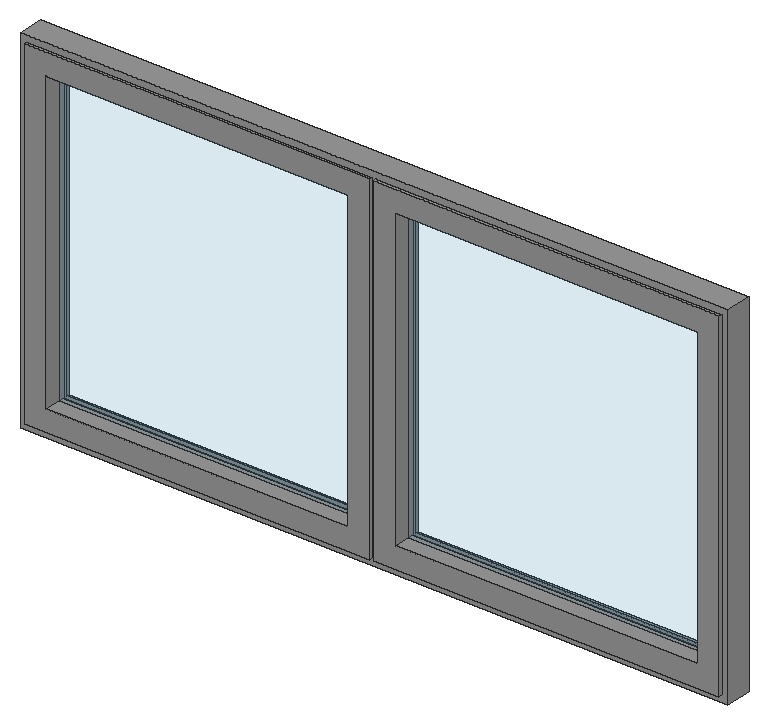
Revit family "Kawneer_Window_GT70s_Pos003", category Windows, host Wall, Revit 2020 (continued)
Definition of nested family "Kawneer_GT70s_Pos003"
  Definition of nested family "Kawneer_GT70s_Jamb3"
    Lines and regions (mm)
      model lines, in view "Ref. Level", detail levels fine
        curve 316: arc (-41.827, -21.9, 0) -> (-41.754, -21.973, 0) -> (-41.654, -22, 0) r 0.2
        curve 317: arc (-41.827, -21.9, 0) -> (-41.9, -21.827, 0) -> (-42, -21.8, 0) r 0.2
        curve 318: arc (-42.8, -21.8, 0) -> (-43.154, -21.946, 0) -> (-43.3, -22.3, 0) r 0.5
        curve 319: arc (-43.75, -24.927, 0) -> (-43.45, -24.927, 0) -> (-43.3, -24.667, 0) r 0.3
        curve 320: arc (-45.327, -23.558, 0) -> (-45.588, -23.666, 0) -> (-45.48, -23.928, 0) r 0.2
        curve 321: arc (-44.713, -22.077, 0) -> (-44.732, -21.889, 0) -> (-44.899, -21.8, 0) r 0.2
        curve 322: arc (-48.5, -21.8, 0) -> (-48.642, -21.859, 0) -> (-48.7, -22.001, 0) r 0.2
        curve 323: arc (-47.884, -24.3, 0) -> (-47.684, -24.085, 0) -> (-47.914, -23.902, 0) r 0.2
        curve 324: arc (-50.428, -23.375, 0) -> (-49.439, -24.059, 0) -> (-48.261, -24.3, 0) r 3
        curve 325: arc (-50.428, -23.375, 0) -> (-51.15, -23.067, 0) -> (-51.872, -23.375, 0) r 1
        curve 326: arc (-54.039, -24.3, 0) -> (-52.861, -24.059, 0) -> (-51.872, -23.375, 0) r 3
        curve 327: arc (-54.381, -23.903, 0) -> (-54.615, -24.082, 0) -> (-54.416, -24.3, 0) r 0.2
        curve 328: arc (-53.6, -22, 0) -> (-53.659, -21.859, 0) -> (-53.8, -21.8, 0) r 0.2
        curve 329: arc (-57.402, -21.8, 0) -> (-57.568, -21.889, 0) -> (-57.586, -22.077, 0) r 0.2
        curve 330: arc (-56.82, -23.928, 0) -> (-56.712, -23.666, 0) -> (-56.973, -23.558, 0) r 0.2
        curve 331: arc (-59, -24.667, 0) -> (-58.85, -24.927, 0) -> (-58.55, -24.927, 0) r 0.3
        curve 332: arc (-59, -10.5, 0) -> (-59.146, -10.146, 0) -> (-59.5, -10, 0) r 0.5
        curve 333: arc (-63.8, -9, 0) -> (-63.507, -9.707, 0) -> (-62.8, -10, 0) r 1
        curve 334: arc (-62.787, -6.22, 0) -> (-63.526, -6.884, 0) -> (-63.8, -7.839, 0) r 1.8
        curve 335: arc (-62.5, -6.4, 0) -> (-62.594, -6.23, 0) -> (-62.787, -6.22, 0) r 0.2
        curve 336: arc (-62.5, -7.8, 0) -> (-62.354, -8.154, 0) -> (-62, -8.3, 0) r 0.5
        curve 337: arc (-59.5, -8.3, 0) -> (-59.146, -8.154, 0) -> (-59, -7.8, 0) r 0.5
        curve 338: arc (-59, 5.7, 0) -> (-59.146, 6.054, 0) -> (-59.5, 6.2, 0) r 0.5
        curve 339: arc (-62, 6.2, 0) -> (-62.354, 6.054, 0) -> (-62.5, 5.7, 0) r 0.5
        curve 340: arc (-62.778, 3.816, 0) -> (-62.589, 3.833, 0) -> (-62.5, 4, 0) r 0.2
        curve 341: arc (-64, 5.658, 0) -> (-63.655, 4.536, 0) -> (-62.739, 3.8, 0) r 2
        curve 342: arc (-63, 8, 0) -> (-63.707, 7.707, 0) -> (-64, 7, 0) r 1
        curve 343: arc (-57.55, -39.3, 0) -> (-57.488, -43.91, 0) -> (-57.303, -48.516, 0) r 172.47
        curve 344: arc (-57.303, -48.516, 0) -> (-57.098, -49.458, 0) -> (-56.605, -50.286, 0) r 3.002
        curve 345: arc (-54.519, -53.867, 0) -> (-54.699, -52.839, 0) -> (-55.22, -51.936, 0) r 2.996
        curve 346: arc (-54.519, -54.329, 0) -> (-54.501, -54.457, 0) -> (-54.451, -54.576, 0) r 0.5
        curve 347: arc (-53.8, -56.8, 0) -> (-53.659, -56.741, 0) -> (-53.6, -56.6, 0) r 0.2
        curve 348: arc (-55.08, -56.35, 0) -> (-55.08, -56.65, 0) -> (-54.821, -56.8, 0) r 0.3
        curve 349: arc (-55.08, -56.35, 0) -> (-55.6, -55.45, 0) -> (-56.12, -56.35, 0) r 0.6
        curve 350: arc (-56.379, -56.8, 0) -> (-56.12, -56.65, 0) -> (-56.12, -56.35, 0) r 0.3
        curve 351: arc (-57.4, -56.6, 0) -> (-57.341, -56.741, 0) -> (-57.2, -56.8, 0) r 0.2
        curve 352: arc (-56.897, -54.429, 0) -> (-57.114, -53.72, 0) -> (-57.645, -53.201, 0) r 1.5
        curve 353: arc (-58.95, -51.87, 0) -> (-58.816, -52.37, 0) -> (-58.45, -52.736, 0) r 1
        curve 354: arc (-58.45, -25.864, 0) -> (-58.816, -26.23, 0) -> (-58.95, -26.73, 0) r 1
        curve 355: arc (-57.645, -25.399, 0) -> (-57.114, -24.88, 0) -> (-56.897, -24.171, 0) r 1.5
        curve 356: arc (-57.2, -21.8, 0) -> (-57.341, -21.859, 0) -> (-57.4, -22, 0) r 0.2
        curve 357: arc (-56.12, -22.25, 0) -> (-56.12, -21.95, 0) -> (-56.379, -21.8, 0) r 0.3
        curve 358: arc (-56.12, -22.25, 0) -> (-55.6, -23.15, 0) -> (-55.08, -22.25, 0) r 0.6
        curve 359: arc (-54.821, -21.8, 0) -> (-55.08, -21.95, 0) -> (-55.08, -22.25, 0) r 0.3
        curve 360: arc (-53.6, -21.9, 0) -> (-53.66, -21.813, 0) -> (-53.764, -21.803, 0) r 0.124
        curve 361: arc (-54.452, -24.026, 0) -> (-54.502, -24.144, 0) -> (-54.519, -24.271, 0) r 0.5
        curve 362: arc (-55.221, -26.665, 0) -> (-54.672, -25.773, 0) -> (-54.519, -24.737, 0) r 2.599
        curve 363: arc (-56.605, -28.315, 0) -> (-57.095, -29.143, 0) -> (-57.303, -30.083, 0) r 3.049
        curve 364: arc (-57.303, -30.083, 0) -> (-57.455, -33.587, 0) -> (-57.536, -37.094, 0) r 172.05
        curve 365: arc (-57.536, -37.094, 0) -> (-57.392, -37.451, 0) -> (-57.036, -37.6, 0) r 0.5
        curve 366: arc (-48.15, -38.2, 0) -> (-48.326, -37.776, 0) -> (-48.75, -37.6, 0) r 0.6
        curve 367: arc (-48.75, -38.8, 0) -> (-48.326, -38.624, 0) -> (-48.15, -38.2, 0) r 0.6
        curve 368: arc (-57.05, -38.8, 0) -> (-57.404, -38.946, 0) -> (-57.55, -39.3, 0) r 0.5
        curve 369: arc (-38.847, -46.799, 0) -> (-37.787, -46.359, 0) -> (-37.347, -45.299, 0) r 1.5
        curve 370: arc (-37.347, -38.899, 0) -> (-37.64, -38.192, 0) -> (-38.347, -37.899, 0) r 1
        curve 371: arc (-41.918, -37.899, 0) -> (-42.372, -38.008, 0) -> (-42.727, -38.311, 0) r 1
        curve 372: arc (-43.856, -39.866, 0) -> (-43.998, -40.145, 0) -> (-44.047, -40.454, 0) r 1
        curve 373: arc (-44.047, -45.299, 0) -> (-43.608, -46.359, 0) -> (-42.547, -46.799, 0) r 1.5
        curve 374: arc (-43.03, -36.906, 0) -> (-42.706, -37.123, 0) -> (-42.323, -37.199, 0) r 1
        curve 375: arc (-38.347, -37.199, 0) -> (-37.64, -36.906, 0) -> (-37.347, -36.199, 0) r 1
        curve 376: arc (-37.347, -29.799, 0) -> (-37.787, -28.738, 0) -> (-38.847, -28.299, 0) r 1.5
        curve 377: arc (-42.547, -28.299, 0) -> (-43.608, -28.738, 0) -> (-44.047, -29.799, 0) r 1.5
        curve 378: arc (-44.047, -35.474, 0) -> (-43.971, -35.857, 0) -> (-43.754, -36.182, 0) r 1
        curve 379: arc (-42.347, -47.799, 0) -> (-43.054, -48.092, 0) -> (-43.347, -48.799, 0) r 1
        curve 380: arc (-43.847, -52.736, 0) -> (-43.481, -52.37, 0) -> (-43.347, -51.87, 0) r 1
        curve 381: arc (-44.652, -53.201, 0) -> (-45.183, -53.72, 0) -> (-45.401, -54.429, 0) r 1.5
        curve 382: arc (-45.097, -56.8, 0) -> (-44.956, -56.741, 0) -> (-44.897, -56.6, 0) r 0.2
        curve 383: arc (-46.178, -56.35, 0) -> (-46.178, -56.65, 0) -> (-45.918, -56.8, 0) r 0.3
        curve 384: arc (-46.178, -56.35, 0) -> (-46.697, -55.448, 0) -> (-47.217, -56.35, 0) r 0.601
        curve 385: arc (-47.477, -56.8, 0) -> (-47.217, -56.65, 0) -> (-47.217, -56.35, 0) r 0.3
        curve 386: arc (-48.697, -56.6, 0) -> (-48.639, -56.741, 0) -> (-48.497, -56.8, 0) r 0.2
        curve 387: arc (-47.845, -54.574, 0) -> (-47.796, -54.456, 0) -> (-47.778, -54.33, 0) r 0.5
        curve 388: arc (-47.077, -51.936, 0) -> (-47.598, -52.838, 0) -> (-47.778, -53.863, 0) r 2.996
        curve 389: arc (-45.749, -50.353, 0) -> (-45.228, -49.451, 0) -> (-45.047, -48.425, 0) r 3
        curve 390: arc (-45.047, -41.499, 0) -> (-45.194, -41.145, 0) -> (-45.547, -40.999, 0) r 0.5
        curve 391: arc (-53.347, -39.799, 0) -> (-53.947, -40.399, 0) -> (-53.347, -40.999, 0) r 0.6
        curve 392: arc (-45.298, -39.799, 0) -> (-45.071, -39.744, 0) -> (-44.894, -39.593, 0) r 0.5
        curve 393: arc (-44.176, -38.605, 0) -> (-43.974, -37.65, 0) -> (-44.549, -36.86, 0) r 1.2
        curve 394: arc (-45.047, -35.993, 0) -> (-44.914, -36.493, 0) -> (-44.549, -36.86, 0) r 1
        curve 395: arc (-45.047, -30.173, 0) -> (-45.229, -29.148, 0) -> (-45.749, -28.247, 0) r 3
        curve 396: arc (-47.778, -24.737, 0) -> (-47.598, -25.762, 0) -> (-47.077, -26.664, 0) r 2.996
        curve 397: arc (-47.778, -24.27, 0) -> (-47.796, -24.144, 0) -> (-47.845, -24.026, 0) r 0.5
        curve 398: arc (-48.497, -21.8, 0) -> (-48.639, -21.859, 0) -> (-48.697, -22, 0) r 0.2
        curve 399: arc (-47.217, -22.25, 0) -> (-47.218, -21.948, 0) -> (-47.482, -21.8, 0) r 0.3
        curve 400: arc (-47.217, -22.25, 0) -> (-46.697, -23.173, 0) -> (-46.178, -22.25, 0) r 0.608
        curve 401: arc (-45.918, -21.8, 0) -> (-46.178, -21.95, 0) -> (-46.178, -22.25, 0) r 0.3
        curve 402: arc (-44.897, -22, 0) -> (-44.956, -21.859, 0) -> (-45.097, -21.8, 0) r 0.2
        curve 403: arc (-45.401, -24.171, 0) -> (-45.183, -24.88, 0) -> (-44.652, -25.399, 0) r 1.5
        curve 404: arc (-43.353, -26.626, 0) -> (-43.508, -26.186, 0) -> (-43.847, -25.864, 0) r 1
        curve 405: arc (-43.353, -26.626, 0) -> (-43.109, -27.106, 0) -> (-42.607, -27.299, 0) r 0.75
        curve 406: arc (-36.347, -28.799, 0) -> (-36.787, -27.738, 0) -> (-37.847, -27.299, 0) r 1.5
        curve 407: arc (-36.847, -47.799, 0) -> (-36.494, -47.652, 0) -> (-36.347, -47.299, 0) r 0.5
        curve 408: arc (-22.72, -47.702, 0) -> (-22.911, -47.74, 0) -> (-23.073, -47.848, 0) r 0.5
        curve 409: arc (-21.44, -48.302, 0) -> (-21.543, -47.886, 0) -> (-21.93, -47.702, 0) r 0.5
        curve 410: arc (-22.42, -49.102, 0) -> (-21.787, -48.877, 0) -> (-21.44, -48.302, 0) r 1
        curve 411: arc (-23.22, -48.602, 0) -> (-23.073, -48.956, 0) -> (-22.72, -49.102, 0) r 0.5
        curve 412: arc (-23.073, -47.848, 0) -> (-23.182, -48.011, 0) -> (-23.22, -48.202, 0) r 0.5
        curve 413: arc (-22.72, -49.764, 0) -> (-23.073, -49.911, 0) -> (-23.22, -50.264, 0) r 0.5
        curve 414: arc (-21.92, -50.264, 0) -> (-22.066, -49.911, 0) -> (-22.42, -49.764, 0) r 0.5
        curve 415: arc (-22.42, -51.164, 0) -> (-22.066, -51.018, 0) -> (-21.92, -50.664, 0) r 0.5
        curve 416: arc (-23.22, -50.664, 0) -> (-23.073, -51.018, 0) -> (-22.72, -51.164, 0) r 0.5
        curve 417: arc (-23.7, -46.438, 0) -> (-23.153, -47.121, 0) -> (-22.367, -46.737, 0) r 0.7
        curve 418: arc (-23.7, -45.279, 0) -> (-23.778, -45.12, 0) -> (-23.951, -45.085, 0) r 0.2
        curve 419: arc (-23.951, -45.085, 0) -> (-24.488, -45.326, 0) -> (-24.919, -45.727, 0) r 1.8
        curve 420: arc (-24.919, -45.727, 0) -> (-25.197, -46.246, 0) -> (-25.294, -46.826, 0) r 1.8
        curve 421: arc (-27.757, -50.168, 0) -> (-26.199, -49.78, 0) -> (-25.429, -48.371, 0) r 2
        curve 422: arc (-37.69, -48.295, 0) -> (-37.926, -48.317, 0) -> (-37.743, -48.466, 0) r 0.127
        curve 423: arc (-33.867, -49.048, 0) -> (-33.358, -48.839, 0) -> (-33.349, -48.288, 0) r 0.5
        curve 424: arc (-33.349, -48.288, 0) -> (-34.255, -47.441, 0) -> (-35.457, -47.133, 0) r 2.5
        curve 425: arc (-38.486, -47.133, 0) -> (-39.446, -47.855, 0) -> (-39.021, -48.978, 0) r 1
        curve 426: arc (-38.78, -49.145, 0) -> (-34.397, -51.727, 0) -> (-29.686, -53.647, 0) r 35
        curve 427: arc (-24.012, -55.49, 0) -> (-23.833, -55.462, 0) -> (-23.75, -55.3, 0) r 0.2
        curve 428: arc (-22.352, -52.387, 0) -> (-23.074, -51.733, 0) -> (-23.75, -52.433, 0) r 0.7
        curve 429: arc (-19.4, -51.718, 0) -> (-19.291, -51.608, 0) -> (-19.25, -51.458, 0) r 0.3
        curve 430: arc (-19.25, -50.238, 0) -> (-19.653, -49.835, 0) -> (-20.056, -50.238, 0) r 0.403
        curve 431: arc (-20.706, -50.444, 0) -> (-20.381, -50.769, 0) -> (-20.056, -50.444, 0) r 0.325
        curve 432: arc (-20.378, -49.261, 0) -> (-20.616, -49.444, 0) -> (-20.706, -49.731, 0) r 0.5
        curve 433: arc (-20.378, -49.261, 0) -> (-19.664, -48.712, 0) -> (-19.394, -47.853, 0) r 1.5
        curve 434: arc (-19.394, -47.62, 0) -> (-19.432, -47.473, 0) -> (-19.538, -47.364, 0) r 0.3
        curve 435: arc (-21.264, 5.418, 0) -> (-21.329, 5.548, 0) -> (-21.464, 5.601, 0) r 0.2
        curve 436: arc (-22.136, 5.601, 0) -> (-22.271, 5.548, 0) -> (-22.336, 5.418, 0) r 0.2
        curve 437: arc (-22.449, 4.118, 0) -> (-22.397, 3.966, 0) -> (-22.25, 3.901, 0) r 0.2
        curve 438: arc (-21.35, 3.901, 0) -> (-21.203, 3.965, 0) -> (-21.151, 4.118, 0) r 0.2
        curve 439: arc (-19.324, 0.801, 0) -> (-18.777, 1.016, 0) -> (-18.525, 1.547, 0) r 0.8
        curve 440: arc (-18.525, 1.547, 0) -> (-18.507, 2.183, 0) -> (-18.538, 2.818, 0) r 8.2
        curve 441: arc (-18.538, 2.818, 0) -> (-18.602, 2.948, 0) -> (-18.737, 3.001, 0) r 0.2
        curve 442: arc (-22.93, 3.001, 0) -> (-23.029, 2.92, 0) -> (-22.968, 2.808, 0) r 0.1
        curve 443: arc (-22.968, 2.808, 0) -> (-21.675, 2.548, 0) -> (-20.377, 2.788, 0) r 3.48
        curve 444: arc (-19.212, 1.718, 0) -> (-19.447, 2.631, 0) -> (-20.377, 2.788, 0) r 0.866
        curve 445: arc (-19.888, 0.984, 0) -> (-19.472, 1.279, 0) -> (-19.212, 1.718, 0) r 1.222
        curve 446: arc (-23.16, 1.597, 0) -> (-23.642, 1.905, 0) -> (-23.951, 1.423, 0) r 0.405
        curve 447: arc (-23.16, 1.597, 0) -> (-22.842, 1.058, 0) -> (-22.268, 0.809, 0) r 1.009
        curve 448: arc (-22.268, 0.809, 0) -> (-22.004, 0.8, 0) -> (-21.74, 0.822, 0) r 2.275
        curve 449: arc (-21.74, 0.822, 0) -> (-21.481, 0.873, 0) -> (-21.23, 0.955, 0) r 2.275
        curve 450: arc (-21.23, 0.955, 0) -> (-20.541, 1.326, 0) -> (-19.962, 1.851, 0) r 3.222
        curve 451: arc (-19.962, 1.851, 0) -> (-19.954, 2.011, 0) -> (-20.107, 2.057, 0) r 0.13
        curve 452: arc (-25.093, 3.524, 0) -> (-22.85, 1.942, 0) -> (-20.107, 2.057, 0) r 4.258
        curve 453: arc (-24.85, 4.001, 0) -> (-25.117, 3.837, 0) -> (-25.093, 3.524, 0) r 0.3
        curve 454: arc (-23.45, 4.001, 0) -> (-23.309, 4.059, 0) -> (-23.25, 4.201, 0) r 0.2
        curve 455: arc (-23.75, 5.747, 0) -> (-23.847, 5.54, 0) -> (-23.685, 5.377, 0) r 0.2
        curve 456: arc (-19.915, 5.377, 0) -> (-19.753, 5.54, 0) -> (-19.85, 5.747, 0) r 0.2
        curve 457: arc (-20.35, 4.201, 0) -> (-20.291, 4.059, 0) -> (-20.15, 4.001, 0) r 0.2
        curve 458: arc (-17.855, 3.754, 0) -> (-17.958, 3.931, 0) -> (-18.15, 4.001, 0) r 0.3
        curve 459: arc (-17.728, 1.486, 0) -> (-17.721, 2.624, 0) -> (-17.855, 3.754, 0) r 9.161
        curve 460: arc (-19.324, -0.005, 0) -> (-18.232, 0.426, 0) -> (-17.728, 1.486, 0) r 1.6
        curve 461: arc (-23.951, 1.423, 0) -> (-23.321, 0.402, 0) -> (-22.194, -0.005, 0) r 1.819
        curve 462: arc (-34.35, -68.117, 0) -> (-34.402, -67.965, 0) -> (-34.55, -67.9, 0) r 0.2
        curve 463: arc (-35.35, -67.9, 0) -> (-35.497, -67.965, 0) -> (-35.549, -68.117, 0) r 0.2
        curve 464: arc (-35.435, -69.417, 0) -> (-35.371, -69.547, 0) -> (-35.236, -69.6, 0) r 0.2
        curve 465: arc (-36.466, -69.131, 0) -> (-36.789, -69.47, 0) -> (-36.636, -69.913, 0) r 0.45
        curve 466: arc (-36.35, -68.3, 0) -> (-36.438, -68.088, 0) -> (-36.65, -68, 0) r 0.3
        curve 467: arc (-39.049, -68, 0) -> (-39.269, -68.097, 0) -> (-39.348, -68.324, 0) r 0.3
        curve 468: arc (-40.729, -71.09, 0) -> (-40.176, -71.752, 0) -> (-39.35, -72, 0) r 1.5
        curve 469: arc (-40.729, -71.09, 0) -> (-41.517, -70.008, 0) -> (-42.697, -69.376, 0) r 3
        curve 470: arc (-46.403, -67.337, 0) -> (-46.941, -67.746, 0) -> (-46.58, -68.317, 0) r 0.5
        curve 471: arc (-41.385, -67.798, 0) -> (-41.022, -67.686, 0) -> (-40.842, -67.35, 0) r 0.5
        curve 472: arc (-39.35, -66, 0) -> (-40.356, -66.388, 0) -> (-40.842, -67.35, 0) r 1.5
        curve 473: arc (-30.85, -67.5, 0) -> (-31.289, -66.439, 0) -> (-32.35, -66, 0) r 1.5
        curve 474: arc (-33.25, -68, 0) -> (-33.462, -68.088, 0) -> (-33.55, -68.3, 0) r 0.3
        curve 475: arc (-78.5, 8, 0) -> (-78.854, 7.854, 0) -> (-79, 7.5, 0) r 0.5
        curve 476: arc (-79, -31.4, 0) -> (-78.854, -31.754, 0) -> (-78.5, -31.9, 0) r 0.5
        curve 477: arc (-77.2, -31.9, 0) -> (-76.846, -31.754, 0) -> (-76.7, -31.4, 0) r 0.5
        curve 478: arc (-76.7, -30.9, 0) -> (-76.846, -30.546, 0) -> (-77.2, -30.4, 0) r 0.5
        curve 479: arc (-77.8, -29.9, 0) -> (-77.654, -30.254, 0) -> (-77.3, -30.4, 0) r 0.5
        curve 480: arc (-77.3, -6.2, 0) -> (-77.654, -6.346, 0) -> (-77.8, -6.7, 0) r 0.5
        curve 481: arc (-61.709, -6.541, 0) -> (-61.665, -6.323, 0) -> (-61.85, -6.2, 0) r 0.2
        curve 482: arc (-62.45, -7.6, 0) -> (-62.391, -7.741, 0) -> (-62.25, -7.8, 0) r 0.2
        curve 483: arc (-61.784, -7.8, 0) -> (-61.655, -7.783, 0) -> (-61.534, -7.733, 0) r 0.5
        curve 484: arc (-59.903, -6.792, 0) -> (-59.481, -5.772, 0) -> (-60.356, -5.1, 0) r 0.906
        curve 485: arc (-77.744, -4.082, 0) -> (-77.458, -4.801, 0) -> (-76.744, -5.1, 0) r 1
        curve 486: arc (-76.078, 6.5, 0) -> (-77.11, 6.089, 0) -> (-77.576, 5.08, 0) r 1.5
        curve 487: arc (-67.5, 6.25, 0) -> (-67.683, 6.433, 0) -> (-67.933, 6.5, 0) r 0.5
        curve 488: arc (-65.97, 3.6, 0) -> (-65.238, 2.868, 0) -> (-64.238, 2.6, 0) r 2
        curve 489: arc (-61.559, 2.6, 0) -> (-61.097, 2.909, 0) -> (-61.205, 3.454, 0) r 0.5
        curve 490: arc (-61.764, 4.012, 0) -> (-61.976, 4.1, 0) -> (-62.188, 4.012, 0) r 0.3
        curve 491: arc (-62.566, 3.8, 0) -> (-62.413, 3.83, 0) -> (-62.283, 3.917, 0) r 0.4
        curve 492: arc (-64.989, 4.3, 0) -> (-64.623, 3.934, 0) -> (-64.123, 3.8, 0) r 1
        curve 493: arc (-65.566, 6.8, 0) -> (-65.999, 6.55, 0) -> (-65.999, 6.05, 0) r 0.5
        curve 494: arc (-64.4, 6.8, 0) -> (-64.259, 6.859, 0) -> (-64.2, 7, 0) r 0.2
        curve 495: arc (-64.2, 7.5, 0) -> (-64.346, 7.854, 0) -> (-64.7, 8, 0) r 0.5
        curve 496: arc (-76.594, -69.1, 0) -> (-76.441, -69.029, 0) -> (-76.397, -68.865, 0) r 0.2
        curve 497: arc (-76.75, -69.1, 0) -> (-76.928, -69.208, 0) -> (-76.914, -69.415, 0) r 0.2
        curve 498: arc (-76.494, -70.015, 0) -> (-76.422, -70.077, 0) -> (-76.33, -70.1, 0) r 0.2
        curve 499: arc (-75.765, -70.1, 0) -> (-75.665, -70.073, 0) -> (-75.592, -70, 0) r 0.2
        curve 500: arc (-74.827, -69.274, 0) -> (-75, -69.174, 0) -> (-75.173, -69.274, 0) r 0.2
        curve 501: arc (-74.408, -70, 0) -> (-74.335, -70.073, 0) -> (-74.235, -70.1, 0) r 0.2
        curve 502: arc (-73.67, -70.1, 0) -> (-73.578, -70.077, 0) -> (-73.506, -70.015, 0) r 0.2
        curve 503: arc (-73.086, -69.415, 0) -> (-73.073, -69.207, 0) -> (-73.25, -69.1, 0) r 0.2
        curve 504: arc (-73.603, -68.865, 0) -> (-73.559, -69.029, 0) -> (-73.406, -69.1, 0) r 0.2
        curve 505: arc (-71.41, -68, 0) -> (-71.275, -67.947, 0) -> (-71.211, -67.817, 0) r 0.2
        curve 506: arc (-70.835, -65.217, 0) -> (-70.886, -65.065, 0) -> (-71.034, -65, 0) r 0.2
        curve 507: arc (-72.747, -65, 0) -> (-72.868, -65.041, 0) -> (-72.94, -65.148, 0) r 0.2
        curve 508: arc (-73.295, -65.9, 0) -> (-73.173, -65.859, 0) -> (-73.101, -65.752, 0) r 0.2
        curve 509: arc (-76.899, -65.752, 0) -> (-76.827, -65.858, 0) -> (-76.706, -65.9, 0) r 0.2
        curve 510: arc (-77.06, -65.148, 0) -> (-77.132, -65.041, 0) -> (-77.253, -65, 0) r 0.2
        curve 511: arc (-78.966, -65, 0) -> (-79.114, -65.065, 0) -> (-79.165, -65.217, 0) r 0.2
        curve 512: arc (-78.789, -67.817, 0) -> (-78.725, -67.947, 0) -> (-78.59, -68, 0) r 0.2
        curve 513: line (-56.415, -37.3, 0) -> (-48.749, -37.3, 0)
        curve 514: line (-48.749, -39.1, 0) -> (-56.415, -39.1, 0)
        curve 515: line (-45.476, -41.299, 0) -> (-53.347, -41.299, 0)
        curve 516: line (-53.347, -39.499, 0) -> (-45.476, -39.499, 0)
        curve 517: line (-59.45, -51.046, 0) -> (-63.45, -51.046, 0)
        curve 518: line (-63.45, -51.046, 0) -> (-67.45, -51.046, 0)
        curve 519: line (-67.45, -51.046, 0) -> (-67.45, -49.046, 0)
        curve 520: line (-67.45, -49.046, 0) -> (-63.45, -49.046, 0)
        curve 521: line (-63.45, -49.046, 0) -> (-59.45, -49.046, 0)
        curve 522: line (-58.95, -67.546, 0) -> (-67.45, -67.546, 0)
        curve 523: line (-67.45, -67.546, 0) -> (-67.45, -62.546, 0)
        curve 524: line (-67.45, -62.546, 0) -> (-63.45, -62.546, 0)
        curve 525: line (-63.45, -62.546, 0) -> (-59.45, -62.546, 0)
        curve 526: line (-58.95, -63.046, 0) -> (-58.95, -69.6, 0)
        curve 527: line (-58.95, -69.6, 0) -> (-62.95, -69.6, 0)
        curve 528: line (-62.95, -69.6, 0) -> (-62.95, -67.546, 0)
        curve 529: line (-63.95, -51.546, 0) -> (-63.95, -62.046, 0)
        curve 530: line (-58.95, -49.546, 0) -> (-58.95, -50.546, 0)
        curve 531: line (-66.45, -62.546, 0) -> (-66.45, -51.046, 0)
        curve 532: line (-66.45, -49.046, 0) -> (-66.45, -14.046, 0)
        curve 533: line (-63.95, -48.546, 0) -> (-63.95, -14.546, 0)
        curve 534: line (-61.95, -12.046, 0) -> (-67.45, -12.046, 0)
        curve 535: line (-67.45, -12.046, 0) -> (-67.45, -14.046, 0)
        curve 536: line (-67.45, -14.046, 0) -> (-63.45, -14.046, 0)
        curve 537: line (-63.45, -14.046, 0) -> (-59.45, -14.046, 0)
        curve 538: line (-61.45, -10.046, 0) -> (-61.45, -11.546, 0)
        curve 539: line (-58.95, -13.546, 0) -> (-58.95, -10.046, 0)
        curve 540: line (-59.45, -9.546, 0) -> (-60.95, -9.546, 0)
        curve 541: line (-67.45, -66.546, 0) -> (-69.95, -66.546, 0)
        curve 542: line (-69.95, -66.546, 0) -> (-66.45, -15.046, 0)
        curve 543: line (-66.45, -15.046, 0) -> (-69.95, -15.046, 0)
        curve 544: line (-69.95, -66.546, 0) -> (-69.95, -15.046, 0)
        curve 545: line (-69.95, -15.046, 0) -> (-67.131, -62.546, 0)
        curve 546: line (-76.861, -35.939, 0) -> (-76.658, -35.658, 0)
        curve 547: line (-74.391, -35.567, 0) -> (-73.751, -36.314, 0)
        curve 548: line (-73.751, -36.314, 0) -> (-71.986, -34.661, 0)
        curve 549: line (-72.288, -37.005, 0) -> (-70.5, -37.005, 0)
        curve 550: line (-80.083, -35.212, 0) -> (-78.332, -36.947, 0)
        curve 551: line (-78.332, -36.947, 0) -> (-73.758, -32.12, 0)
        curve 552: line (-73.758, -32.12, 0) -> (-75.663, -31.366, 0)
        curve 553: line (-75.918, -31.492, 0) -> (-75.973, -31.825, 0)
        curve 554: line (-76.17, -32.005, 0) -> (-78.332, -32.005, 0)
        curve 555: line (-79.127, -31.048, 0) -> (-79, -29.677, 0)
        curve 556: line (-79.027, -35.212, 0) -> (-80.785, -35.212, 0)
        curve 557: line (-82.375, -37.005, 0) -> (-78.846, -37.005, 0)
        curve 558: line (-8.5, -1.4, 0) -> (-12, -1.4, 0)
        curve 559: line (-12, -1.4, 0) -> (-15.5, -1.4, 0)
        curve 560: line (-15.9, -1.8, 0) -> (-17, -1.8, 0)
        curve 561: line (-17.2, -2, 0) -> (-17.2, -3.013, 0)
        curve 562: line (-17.6, -3.413, 0) -> (-17.6, -9.306, 0)
        curve 563: line (-17.6, -9.306, 0) -> (-17.6, -15.2, 0)
        curve 564: line (-17.2, -15.6, 0) -> (-17.2, -16.5, 0)
        curve 565: line (-17, -16.7, 0) -> (-16.273, -16.7, 0)
        curve 566: line (-15.927, -16.9, 0) -> (-12, -16.9, 0)
        curve 567: line (-12, -16.9, 0) -> (-8.073, -16.9, 0)
        curve 568: line (-7.727, -16.7, 0) -> (-7, -16.7, 0)
        curve 569: line (-6.8, -16.5, 0) -> (-6.8, -15.6, 0)
        curve 570: line (-6.4, -15.2, 0) -> (-6.4, -9.306, 0)
        curve 571: line (-6.4, -9.306, 0) -> (-6.4, -3.413, 0)
        curve 572: line (-6.8, -3.013, 0) -> (-6.8, -2, 0)
        curve 573: line (-7, -1.8, 0) -> (-8.1, -1.8, 0)
        curve 574: line (-23.5, 0, 0) -> (-0.5, 0, 0)
        curve 575: line (0, -0.5, 0) -> (0, -2.342, 0)
        curve 576: line (-1.5, -4, 0) -> (-1.5, -2.3, 0)
        curve 577: line (-2, -1.8, 0) -> (-4.5, -1.8, 0)
        curve 578: line (-5, -2.3, 0) -> (-5, -15.8, 0)
        curve 579: line (-4.5, -16.3, 0) -> (-2, -16.3, 0)
        curve 580: line (-1.5, -15.8, 0) -> (-1.5, -14.4, 0)
        curve 581: line (-0.2, -15.839, 0) -> (-0.2, -18.6, 0)
        curve 582: line (-1.5, -19.4, 0) -> (-1.5, -18.2, 0)
        curve 583: line (-1.7, -18, 0) -> (-4.3, -18, 0)
        curve 584: line (-5, -18.7, 0) -> (-5, -21.367, 0)
        curve 585: line (-7.027, -20.258, 0) -> (-6.413, -18.777, 0)
        curve 586: line (-6.598, -18.5, 0) -> (-10.2, -18.5, 0)
        curve 587: line (-10.2, -18.5, 0) -> (-9.179, -18.5, 0)
        curve 588: line (-10.4, -18.7, 0) -> (-10.4, -19.24, 0)
        curve 589: line (-10.4, -19.24, 0) -> (-9.614, -20.602, 0)
        curve 590: line (-9.614, -20.602, 0) -> (-10.4, -19.25, 0)
        curve 591: line (-10.4, -19.25, 0) -> (-10.4, -18.7, 0)
        curve 592: line (-9.481, -21.437, 0) -> (-9.584, -21, 0)
        curve 593: line (-9.584, -21, 0) -> (-9.961, -21, 0)
        curve 594: line (-14.039, -21, 0) -> (-14.416, -21, 0)
        curve 595: line (-14.416, -21, 0) -> (-14.519, -21.437, 0)
        curve 596: line (-14.386, -20.602, 0) -> (-13.6, -19.24, 0)
        curve 597: line (-13.6, -19.24, 0) -> (-13.6, -18.7, 0)
        curve 598: line (-13.6, -18.7, 0) -> (-13.6, -19.25, 0)
        curve 599: line (-13.6, -19.25, 0) -> (-14.452, -20.726, 0)
        curve 600: line (-14.821, -18.5, 0) -> (-13.8, -18.5, 0)
        curve 601: line (-13.8, -18.5, 0) -> (-17.402, -18.5, 0)
        curve 602: line (-17.587, -18.777, 0) -> (-16.973, -20.258, 0)
        curve 603: line (-17.4, -18.7, 0) -> (-17.4, -19.581, 0)
        curve 604: line (-17.4, -19.581, 0) -> (-16.82, -20.628, 0)
        curve 605: line (-16.82, -20.628, 0) -> (-17.921, -21.264, 0)
        curve 606: line (-17.921, -21.264, 0) -> (-18.55, -21.627, 0)
        curve 607: line (-19, -21.367, 0) -> (-19, -18.7, 0)
        curve 608: line (-19.7, -18, 0) -> (-22.3, -18, 0)
        curve 609: line (-22.5, -18.2, 0) -> (-22.5, -19.4, 0)
        curve 610: line (-23.8, -18.6, 0) -> (-23.8, -15.839, 0)
        curve 611: line (-22.5, -14.4, 0) -> (-22.5, -15.8, 0)
        curve 612: line (-22, -16.3, 0) -> (-19.5, -16.3, 0)
        curve 613: line (-19, -15.8, 0) -> (-19, -2.3, 0)
        curve 614: line (-19.5, -1.8, 0) -> (-22, -1.8, 0)
        curve 615: line (-22.5, -2.3, 0) -> (-22.5, -4, 0)
        curve 616: line (-24, -2.342, 0) -> (-24, -0.5, 0)
        curve 617: line (-6.95, -35.5, 0) -> (-15.25, -35.5, 0)
        curve 618: line (-15.25, -34.3, 0) -> (-6.964, -34.3, 0)
        curve 619: line (-7.395, -25.015, 0) -> (-8.779, -23.365, 0)
        curve 620: line (-7.621, -18.5, 0) -> (-6.8, -18.5, 0)
        curve 621: line (-6.6, -18.7, 0) -> (-6.6, -19.581, 0)
        curve 622: line (-6.6, -19.581, 0) -> (-7.081, -20.742, 0)
        curve 623: line (-7.081, -20.742, 0) -> (-6.079, -21.264, 0)
        curve 624: line (-6.079, -21.264, 0) -> (-5.45, -21.627, 0)
        curve 625: line (-6.355, -22.099, 0) -> (-5.55, -22.564, 0)
        curve 626: line (-5.05, -23.43, 0) -> (-5.05, -48.57, 0)
        curve 627: line (-5.55, -49.436, 0) -> (-6.355, -49.901, 0)
        curve 628: line (-5.45, -50.373, 0) -> (-6.079, -50.736, 0)
        curve 629: line (-6.079, -50.736, 0) -> (-7.081, -51.258, 0)
        curve 630: line (-7.081, -51.258, 0) -> (-6.6, -52.419, 0)
        curve 631: line (-6.6, -52.419, 0) -> (-6.6, -53.3, 0)
        curve 632: line (-6.8, -53.5, 0) -> (-7.621, -53.5, 0)
        curve 633: line (-9.179, -53.5, 0) -> (-10.2, -53.5, 0)
        curve 634: line (-10.2, -53.5, 0) -> (-6.598, -53.5, 0)
        curve 635: line (-10.4, -53.3, 0) -> (-10.4, -52.76, 0)
        curve 636: line (-10.4, -52.75, 0) -> (-9.548, -51.274, 0)
        curve 637: line (-9.548, -51.274, 0) -> (-10.4, -52.76, 0)
        curve 638: line (-10.4, -52.76, 0) -> (-10.4, -53.3, 0)
        curve 639: line (-9.961, -51, 0) -> (-9.481, -51.024, 0)
        curve 640: line (-9.481, -51.024, 0) -> (-9.481, -50.566, 0)
        curve 641: line (-8.78, -48.636, 0) -> (-7.395, -46.986, 0)
        curve 642: line (-17.05, -36.5, 0) -> (-8.15, -36.5, 0)
        curve 643: line (-8.15, -37.7, 0) -> (-17.036, -37.7, 0)
        curve 644: line (-16.605, -46.985, 0) -> (-15.221, -48.635, 0)
        curve 645: line (-14.519, -50.563, 0) -> (-14.519, -51.024, 0)
        curve 646: line (-14.519, -51.024, 0) -> (-14.039, -51, 0)
        curve 647: line (-14.452, -51.274, 0) -> (-13.6, -52.75, 0)
        curve 648: line (-13.6, -52.75, 0) -> (-13.6, -53.3, 0)
        curve 649: line (-13.6, -53.3, 0) -> (-13.6, -52.76, 0)
        curve 650: line (-13.6, -52.76, 0) -> (-14.386, -51.398, 0)
        curve 651: line (-17.402, -53.5, 0) -> (-13.8, -53.5, 0)
        curve 652: line (-13.8, -53.5, 0) -> (-14.821, -53.5, 0)
        curve 653: line (-16.379, -53.5, 0) -> (-17.2, -53.5, 0)
        curve 654: line (-17.645, -49.901, 0) -> (-18.45, -49.436, 0)
        curve 655: line (-18.95, -48.57, 0) -> (-18.95, -46.5, 0)
        curve 656: line (-19.45, -46, 0) -> (-22.15, -46, 0)
        curve 657: line (-22.15, -46, 0) -> (-21.718, -46.044, 0)
        curve 658: line (-21.718, -46.044, 0) -> (-19.538, -47.364, 0)
        curve 659: line (-22.45, -46.3, 0) -> (-22.45, -46.9, 0)
        curve 660: line (-23.45, -46.9, 0) -> (-23.45, -43.9, 0)
        curve 661: line (-22.45, -43.9, 0) -> (-22.45, -44.5, 0)
        curve 662: line (-22.15, -44.8, 0) -> (-19.45, -44.8, 0)
        curve 663: line (-18.95, -44.3, 0) -> (-18.95, -23.43, 0)
        curve 664: line (-18.45, -22.564, 0) -> (-17.645, -22.099, 0)
        curve 665: line (-17.2, -18.5, 0) -> (-16.379, -18.5, 0)
        curve 666: line (-15.22, -23.364, 0) -> (-16.605, -25.014, 0)
        curve 667: line (-15.5, -70.6, 0) -> (-8.5, -70.6, 0)
        curve 668: line (-8.1, -70.2, 0) -> (-7, -70.2, 0)
        curve 669: line (-6.8, -70, 0) -> (-6.8, -68.9, 0)
        curve 670: line (-6.4, -68.5, 0) -> (-6.4, -57, 0)
        curve 671: line (-6.8, -56.6, 0) -> (-6.8, -55.5, 0)
        curve 672: line (-7, -55.3, 0) -> (-8.1, -55.3, 0)
        curve 673: line (-8.446, -55.1, 0) -> (-15.554, -55.1, 0)
        curve 674: line (-15.9, -55.3, 0) -> (-17, -55.3, 0)
        curve 675: line (-17.2, -55.5, 0) -> (-17.2, -56.6, 0)
        curve 676: line (-17.6, -57, 0) -> (-17.6, -68.5, 0)
        curve 677: line (-17.2, -68.9, 0) -> (-17.2, -70, 0)
        curve 678: line (-17, -70.2, 0) -> (-15.9, -70.2, 0)
        curve 679: line (-0.5, -72, 0) -> (-38.5, -72, 0)
        curve 680: line (-39, -71.5, 0) -> (-39, -68.5, 0)
        curve 681: line (-36.342, -66, 0) -> (-38.5, -68, 0)
        curve 682: line (-38.5, -68, 0) -> (-37, -68, 0)
        curve 683: line (-36.5, -68.5, 0) -> (-36.5, -68.8, 0)
        curve 684: line (-36.7, -69, 0) -> (-37.3, -69, 0)
        curve 685: line (-37.8, -69.5, 0) -> (-37.8, -70.1, 0)
        curve 686: line (-37.3, -70.6, 0) -> (-32.7, -70.6, 0)
        curve 687: line (-32.2, -70.1, 0) -> (-32.2, -69.5, 0)
        curve 688: line (-32.7, -69, 0) -> (-33.3, -69, 0)
        curve 689: line (-33.5, -68.8, 0) -> (-33.5, -68.5, 0)
        curve 690: line (-35.092, -66, 0) -> (-33, -68, 0)
        curve 691: line (-33, -68, 0) -> (-29.9, -68, 0)
        curve 692: line (-29.9, -68.8, 0) -> (-30.8, -68.8, 0)
        curve 693: line (-31, -69, 0) -> (-31, -69.9, 0)
        curve 694: line (-30.5, -70.4, 0) -> (-28, -70.4, 0)
        curve 695: line (-28, -70.4, 0) -> (-19.489, -70.211, 0)
        curve 696: line (-19, -69.711, 0) -> (-19, -56.2, 0)
        curve 697: line (-19.5, -55.7, 0) -> (-22.3, -55.7, 0)
        curve 698: line (-22.5, -55.9, 0) -> (-22.5, -57.094, 0)
        curve 699: line (-23.5, -56.494, 0) -> (-23.5, -53.3, 0)
        curve 700: line (-22.5, -53.3, 0) -> (-22.5, -53.9, 0)
        curve 701: line (-22.2, -54.2, 0) -> (-19.7, -54.2, 0)
        curve 702: line (-19, -53.5, 0) -> (-19, -50.633, 0)
        curve 703: line (-18.55, -50.373, 0) -> (-17.921, -50.736, 0)
        curve 704: line (-17.921, -50.736, 0) -> (-16.82, -51.372, 0)
        curve 705: line (-16.82, -51.372, 0) -> (-17.4, -52.419, 0)
        curve 706: line (-17.4, -52.419, 0) -> (-17.4, -53.3, 0)
        curve 707: line (-16.973, -51.742, 0) -> (-17.587, -53.223, 0)
        curve 708: line (-6.413, -53.223, 0) -> (-7.027, -51.742, 0)
        curve 709: line (-5, -50.633, 0) -> (-5, -53.3, 0)
        curve 710: line (-4.3, -54, 0) -> (-1.7, -54, 0)
        curve 711: line (-1.5, -53.8, 0) -> (-1.5, -52.6, 0)
        curve 712: line (-0.2, -53.4, 0) -> (-0.2, -56.161, 0)
        curve 713: line (-1.5, -57.6, 0) -> (-1.5, -56.2, 0)
        curve 714: line (-2, -55.7, 0) -> (-4.5, -55.7, 0)
        curve 715: line (-5, -56.2, 0) -> (-5, -69.7, 0)
        curve 716: line (-4.5, -70.2, 0) -> (-2, -70.2, 0)
        curve 717: line (-1.5, -69.7, 0) -> (-1.5, -68, 0)
        curve 718: line (0, -69.658, 0) -> (0, -71.5, 0)
        curve 719: line (-53.999, -70, 0) -> (-53.999, -67.8, 0)
        curve 720: line (-51.999, -65.8, 0) -> (-47.299, -65.8, 0)
        curve 721: line (-47.099, -65.6, 0) -> (-47.099, -58.6, 0)
        curve 722: line (-47.299, -58.4, 0) -> (-57.299, -58.4, 0)
        curve 723: line (-57.499, -58.6, 0) -> (-57.499, -70, 0)
        curve 724: line (-56.999, -70.5, 0) -> (-54.499, -70.5, 0)
        curve 725: line (-50.999, -71, 0) -> (-50.999, -71.5, 0)
        curve 726: line (-51.499, -72, 0) -> (-78.499, -72, 0)
        curve 727: line (-78.999, -71.5, 0) -> (-78.999, -68.5, 0)
        curve 728: line (-75.384, -69.639, 0) -> (-76.499, -68.5, 0)
        curve 729: line (-76.499, -68.5, 0) -> (-76.499, -68.8, 0)
        curve 730: line (-76.499, -68.8, 0) -> (-76.55, -68, 0)
        curve 731: line (-76.55, -68, 0) -> (-78.499, -68, 0)
        curve 732: line (-78.499, -68, 0) -> (-76.999, -68, 0)
        curve 733: line (-76.999, -68, 0) -> (-79.057, -65.967, 0)
        curve 734: line (-76.699, -69, 0) -> (-77.299, -69, 0)
        curve 735: line (-77.799, -69.5, 0) -> (-77.799, -70.1, 0)
        curve 736: line (-77.299, -70.6, 0) -> (-72.699, -70.6, 0)
        curve 737: line (-72.199, -70.1, 0) -> (-72.199, -69.5, 0)
        curve 738: line (-72.699, -69, 0) -> (-73.299, -69, 0)
        curve 739: line (-71.41, -68, 0) -> (-73.45, -68, 0)
        curve 740: line (-73.45, -68, 0) -> (-73.499, -68.8, 0)
        curve 741: line (-73.499, -68.8, 0) -> (-73.499, -68.5, 0)
        curve 742: line (-73.499, -68.5, 0) -> (-74.616, -69.639, 0)
        curve 743: line (-70.943, -65.967, 0) -> (-72.999, -68, 0)
        curve 744: line (-72.999, -68, 0) -> (-69.899, -68, 0)
        curve 745: line (-69.899, -68.8, 0) -> (-70.799, -68.8, 0)
        curve 746: line (-70.999, -69, 0) -> (-70.999, -69.9, 0)
        curve 747: line (-70.499, -70.4, 0) -> (-67.999, -70.4, 0)
        curve 748: line (-67.999, -70.4, 0) -> (-59.488, -70.211, 0)
        curve 749: line (-58.999, -69.711, 0) -> (-58.999, -53.933, 0)
        curve 750: line (-56.972, -55.042, 0) -> (-57.586, -56.523, 0)
        curve 751: line (-57.401, -56.8, 0) -> (-53.799, -56.8, 0)
        curve 752: line (-53.799, -56.8, 0) -> (-54.821, -56.8, 0)
        curve 753: line (-53.599, -56.6, 0) -> (-53.599, -56.06, 0)
        curve 754: line (-53.599, -56.06, 0) -> (-54.386, -54.698, 0)
        curve 755: line (-54.386, -54.698, 0) -> (-53.6, -56.05, 0)
        curve 756: line (-53.6, -56.05, 0) -> (-53.6, -56.581, 0)
        curve 757: line (-54.519, -53.867, 0) -> (-54.415, -54.3, 0)
        curve 758: line (-54.415, -54.3, 0) -> (-54.038, -54.3, 0)
        curve 759: line (-48.26, -54.3, 0) -> (-47.883, -54.3, 0)
        curve 760: line (-47.883, -54.3, 0) -> (-47.778, -53.863, 0)
        curve 761: line (-47.913, -54.698, 0) -> (-48.699, -56.06, 0)
        curve 762: line (-48.699, -56.06, 0) -> (-48.699, -56.6, 0)
        curve 763: line (-48.699, -56.6, 0) -> (-48.697, -56.05, 0)
        curve 764: line (-48.697, -56.05, 0) -> (-47.845, -54.574, 0)
        curve 765: line (-47.477, -56.8, 0) -> (-48.495, -56.8, 0)
        curve 766: line (-48.495, -56.8, 0) -> (-44.901, -56.8, 0)
        curve 767: line (-44.713, -56.523, 0) -> (-45.326, -55.042, 0)
        curve 768: line (-44.897, -56.6, 0) -> (-44.897, -55.719, 0)
        curve 769: line (-44.897, -55.719, 0) -> (-45.479, -54.672, 0)
        curve 770: line (-45.479, -54.672, 0) -> (-43.749, -53.673, 0)
        curve 771: line (-43.299, -53.933, 0) -> (-43.299, -57.228, 0)
        curve 772: line (-43.13, -57.426, 0) -> (-42.262, -57.588, 0)
        curve 773: line (-42.099, -57.785, 0) -> (-42.099, -58.4, 0)
        curve 774: line (-42.299, -58.6, 0) -> (-45.099, -58.6, 0)
        curve 775: line (-45.599, -59.1, 0) -> (-45.599, -65.3, 0)
        curve 776: line (-45.099, -65.8, 0) -> (-43.699, -65.8, 0)
        curve 777: line (-43.199, -66.3, 0) -> (-43.199, -66.8, 0)
        curve 778: line (-43.699, -67.3, 0) -> (-51.999, -67.3, 0)
        curve 779: line (-52.499, -67.8, 0) -> (-52.499, -70, 0)
        curve 780: line (-51.999, -70.5, 0) -> (-51.499, -70.5, 0)
        curve 781: line (-41.8, -19.8, 0) -> (-41.8, 6.3, 0)
        curve 782: line (-42, 6.5, 0) -> (-57, 6.5, 0)
        curve 783: line (-57.2, 6.3, 0) -> (-57.2, 5.187, 0)
        curve 784: line (-57.5, 4.8, 0) -> (-57.5, -18.313, 0)
        curve 785: line (-57.2, -18.7, 0) -> (-57.2, -19.8, 0)
        curve 786: line (-57, -20, 0) -> (-55.873, -20, 0)
        curve 787: line (-55.527, -20.2, 0) -> (-43.947, -20.2, 0)
        curve 788: line (-43.627, -20, 0) -> (-42, -20, 0)
        curve 789: line (-63, 8, 0) -> (-20, 8, 0)
        curve 790: line (-18, 6, 0) -> (-18, 4.5, 0)
        curve 791: line (-18.5, 4, 0) -> (-19.9, 4, 0)
        curve 792: line (-21.949, 6.501, 0) -> (-20.2, 5, 0)
        curve 793: line (-20.2, 5, 0) -> (-19.7, 5, 0)
        curve 794: line (-19.2, 5.5, 0) -> (-19.2, 6.1, 0)
        curve 795: line (-19.7, 6.6, 0) -> (-23.8, 6.6, 0)
        curve 796: line (-24.3, 6.1, 0) -> (-24.3, 5.5, 0)
        curve 797: line (-23.8, 5, 0) -> (-23.5, 5, 0)
        curve 798: line (-23.3, 4.8, 0) -> (-23.3, 4.5, 0)
        curve 799: line (-22.692, 3.001, 0) -> (-23.8, 4, 0)
        curve 800: line (-23.8, 4, 0) -> (-24.6, 4, 0)
        curve 801: line (-25.1, 4.5, 0) -> (-25.1, 5.7, 0)
        curve 802: line (-25.6, 6.2, 0) -> (-38.5, 6.2, 0)
        curve 803: line (-40, 4.7, 0) -> (-40, 2.5, 0)
        curve 804: line (-39.5, 2, 0) -> (-36, 2, 0)
        curve 805: line (-35.5, 1.5, 0) -> (-35.5, -2, 0)
        curve 806: line (-36, -2.5, 0) -> (-36.5, -2.5, 0)
        curve 807: line (-37, -2, 0) -> (-37, -0.5, 0)
        curve 808: line (-37.5, 0, 0) -> (-39.207, 0, 0)
        curve 809: line (-39.207, 0, 0) -> (-39.74, 0.154, 0)
        curve 810: line (-40, -0.793, 0) -> (-40, -19.207, 0)
        curve 811: line (-39.207, -20, 0) -> (-37.5, -20, 0)
        curve 812: line (-37, -19.5, 0) -> (-37, -18, 0)
        curve 813: line (-36.5, -17.5, 0) -> (-36, -17.5, 0)
        curve 814: line (-35.5, -18, 0) -> (-35.5, -21.5, 0)
        curve 815: line (-36, -22, 0) -> (-41.654, -22, 0)
        curve 816: line (-42, -21.8, 0) -> (-42.8, -21.8, 0)
        curve 817: line (-43.3, -22.3, 0) -> (-43.3, -24.667, 0)
        curve 818: line (-45.327, -23.558, 0) -> (-44.713, -22.077, 0)
        curve 819: line (-44.899, -21.8, 0) -> (-48.5, -21.8, 0)
        curve 820: line (-48.5, -21.8, 0) -> (-47.482, -21.8, 0)
        curve 821: line (-48.7, -22.001, 0) -> (-48.7, -22.54, 0)
        curve 822: line (-48.7, -22.54, 0) -> (-47.914, -23.902, 0)
        curve 823: line (-47.914, -23.902, 0) -> (-48.697, -22.55, 0)
        curve 824: line (-48.697, -22.55, 0) -> (-48.697, -22, 0)
        curve 825: line (-47.778, -24.737, 0) -> (-47.884, -24.3, 0)
        curve 826: line (-47.884, -24.3, 0) -> (-48.261, -24.3, 0)
        curve 827: line (-54.039, -24.3, 0) -> (-54.416, -24.3, 0)
        curve 828: line (-54.416, -24.3, 0) -> (-54.519, -24.737, 0)
        curve 829: line (-54.386, -23.902, 0) -> (-53.6, -22.54, 0)
        curve 830: line (-53.6, -22.54, 0) -> (-53.6, -22, 0)
        curve 831: line (-53.6, -22, 0) -> (-53.6, -22.55, 0)
        curve 832: line (-53.6, -22.55, 0) -> (-54.452, -24.026, 0)
        curve 833: line (-54.82, -21.8, 0) -> (-53.8, -21.8, 0)
        curve 834: line (-53.8, -21.8, 0) -> (-57.402, -21.8, 0)
        curve 835: line (-57.586, -22.077, 0) -> (-56.973, -23.558, 0)
        curve 836: line (-57.4, -22, 0) -> (-57.4, -22.881, 0)
        curve 837: line (-57.4, -22.881, 0) -> (-56.82, -23.928, 0)
        curve 838: line (-56.82, -23.928, 0) -> (-58.55, -24.927, 0)
        curve 839: line (-59, -24.667, 0) -> (-59, -10.5, 0)
        curve 840: line (-59.5, -10, 0) -> (-62.8, -10, 0)
        curve 841: line (-63.8, -9, 0) -> (-63.8, -7.839, 0)
        curve 842: line (-62.5, -6.4, 0) -> (-62.5, -7.8, 0)
        curve 843: line (-62, -8.3, 0) -> (-59.5, -8.3, 0)
        curve 844: line (-59, -7.8, 0) -> (-59, 5.7, 0)
        curve 845: line (-59.5, 6.2, 0) -> (-62, 6.2, 0)
        curve 846: line (-62.5, 5.7, 0) -> (-62.5, 4, 0)
        curve 847: line (-64, 5.658, 0) -> (-64, 7, 0)
        curve 848: line (-56.605, -50.286, 0) -> (-55.22, -51.936, 0)
        curve 849: line (-56.379, -56.8, 0) -> (-57.2, -56.8, 0)
        curve 850: line (-57.4, -56.6, 0) -> (-57.4, -55.719, 0)
        curve 851: line (-57.4, -55.719, 0) -> (-56.919, -54.558, 0)
        curve 852: line (-56.919, -54.558, 0) -> (-58.549, -53.673, 0)
        curve 853: line (-57.645, -53.201, 0) -> (-58.45, -52.736, 0)
        curve 854: line (-58.95, -51.87, 0) -> (-58.95, -26.73, 0)
        curve 855: line (-58.45, -25.864, 0) -> (-57.645, -25.399, 0)
        curve 856: line (-57.2, -21.8, 0) -> (-56.379, -21.8, 0)
        curve 857: line (-55.221, -26.665, 0) -> (-56.605, -28.315, 0)
        curve 858: line (-57.036, -37.6, 0) -> (-48.75, -37.6, 0)
        curve 859: line (-48.75, -38.8, 0) -> (-57.05, -38.8, 0)
        curve 860: line (-42.547, -46.799, 0) -> (-38.847, -46.799, 0)
        curve 861: line (-37.347, -45.299, 0) -> (-37.347, -38.899, 0)
        curve 862: line (-38.347, -37.899, 0) -> (-41.918, -37.899, 0)
        curve 863: line (-42.727, -38.311, 0) -> (-43.856, -39.866, 0)
        curve 864: line (-44.047, -40.454, 0) -> (-44.047, -45.299, 0)
        curve 865: line (-43.754, -36.182, 0) -> (-43.03, -36.906, 0)
        curve 866: line (-42.323, -37.199, 0) -> (-38.347, -37.199, 0)
        curve 867: line (-37.347, -36.199, 0) -> (-37.347, -29.799, 0)
        curve 868: line (-38.847, -28.299, 0) -> (-42.547, -28.299, 0)
        curve 869: line (-44.047, -29.799, 0) -> (-44.047, -35.474, 0)
        curve 870: line (-36.847, -47.799, 0) -> (-42.347, -47.799, 0)
        curve 871: line (-43.347, -48.799, 0) -> (-43.347, -51.87, 0)
        curve 872: line (-43.847, -52.736, 0) -> (-44.652, -53.201, 0)
        curve 873: line (-45.097, -56.8, 0) -> (-45.918, -56.8, 0)
        curve 874: line (-47.077, -51.936, 0) -> (-45.749, -50.353, 0)
        curve 875: line (-45.047, -48.425, 0) -> (-45.047, -41.499, 0)
        curve 876: line (-45.547, -40.999, 0) -> (-53.347, -40.999, 0)
        curve 877: line (-53.347, -39.799, 0) -> (-45.298, -39.799, 0)
        curve 878: line (-44.894, -39.593, 0) -> (-44.176, -38.605, 0)
        curve 879: line (-45.047, -35.993, 0) -> (-45.047, -30.173, 0)
        curve 880: line (-45.749, -28.247, 0) -> (-47.077, -26.664, 0)
        curve 881: line (-45.918, -21.8, 0) -> (-45.097, -21.8, 0)
        curve 882: line (-44.897, -22, 0) -> (-44.897, -22.881, 0)
        curve 883: line (-44.897, -22.881, 0) -> (-45.378, -24.042, 0)
        curve 884: line (-45.378, -24.042, 0) -> (-43.75, -24.927, 0)
        curve 885: line (-44.652, -25.399, 0) -> (-43.847, -25.864, 0)
        curve 886: line (-42.607, -27.299, 0) -> (-37.847, -27.299, 0)
        curve 887: line (-36.347, -28.799, 0) -> (-36.347, -47.299, 0)
        curve 888: line (-19.749, -48.822, 0) -> (-22.137, -46.434, 0)
        curve 889: line (-20.699, -49.994, 0) -> (-21.804, -48.89, 0)
        curve 890: line (-24.893, -45.8, 0) -> (-22.94, -47.753, 0)
        curve 891: line (-20.491, -52.324, 0) -> (-21.958, -50.856, 0)
        curve 892: line (-21.958, -50.856, 0) -> (-20.694, -49.621, 0)
        curve 893: line (-20.694, -49.621, 0) -> (-20.706, -50.444, 0)
        curve 894: line (-22.978, -49.836, 0) -> (-23.706, -49.108, 0)
        curve 895: line (-23.706, -49.108, 0) -> (-25.35, -47.465, 0)
        curve 896: line (-20.056, -50.238, 0) -> (-20.095, -50.598, 0)
        curve 897: line (-20.095, -50.598, 0) -> (-19.25, -51.443, 0)
        curve 898: line (-19.25, -51.443, 0) -> (-19.25, -50.299, 0)
        curve 899: line (-19.25, -50.299, 0) -> (-22.01, -52.926, 0)
        curve 900: line (-22.01, -52.926, 0) -> (-22.191, -52.745, 0)
        curve 901: line (-23.189, -51.747, 0) -> (-25.708, -49.228, 0)
        curve 902: line (-23.758, -53.299, 0) -> (-26.923, -50.134, 0)
        curve 903: line (-23.75, -52.433, 0) -> (-23.778, -55.401, 0)
        curve 904: line (-23.778, -55.401, 0) -> (-29.273, -49.906, 0)
        curve 905: line (-26.675, -54.625, 0) -> (-31.828, -49.471, 0)
        curve 906: line (-24.012, -55.49, 0) -> (-29.817, -53.604, 0)
        curve 907: line (-29.817, -53.604, 0) -> (-34.384, -49.037, 0)
        curve 908: line (-34.384, -49.037, 0) -> (-36.288, -47.133, 0)
        curve 909: line (-33.292, -52.251, 0) -> (-36.94, -48.602, 0)
        curve 910: line (-37.138, -48.404, 0) -> (-38.409, -47.133, 0)
        curve 911: line (-38.409, -47.133, 0) -> (-35.457, -47.133, 0)
        curve 912: line (-35.19, -47.147, 0) -> (-36.689, -48.646, 0)
        curve 913: line (-36.689, -48.646, 0) -> (-37.983, -49.68, 0)
        curve 914: line (-37.983, -49.68, 0) -> (-39.485, -48.179, 0)
        curve 915: line (-38.78, -49.145, 0) -> (-39.092, -48.928, 0)
        curve 916: line (-39.092, -48.928, 0) -> (-37.297, -47.133, 0)
        curve 917: line (-36.511, -50.589, 0) -> (-34.875, -48.953, 0)
        curve 918: line (-34.875, -48.953, 0) -> (-33.739, -47.817, 0)
        curve 919: line (-35.146, -51.345, 0) -> (-33.062, -49.262, 0)
        curve 920: line (-33.729, -52.049, 0) -> (-31.249, -49.57, 0)
        curve 921: line (-32.257, -52.699, 0) -> (-29.436, -49.878, 0)
        curve 922: line (-30.727, -53.29, 0) -> (-27.623, -50.186, 0)
        curve 923: line (-27.623, -50.186, 0) -> (-37.743, -48.466, 0)
        curve 924: line (-25.392, -47.956, 0) -> (-24.456, -47.019, 0)
        curve 925: line (-24.456, -47.019, 0) -> (-23.7, -46.264, 0)
        curve 926: line (-29.139, -53.824, 0) -> (-23.896, -48.58, 0)
        curve 927: line (-23.896, -48.58, 0) -> (-22.897, -47.582, 0)
        curve 928: line (-22.897, -47.582, 0) -> (-21.494, -46.179, 0)
        curve 929: line (-27.538, -54.344, 0) -> (-23.336, -50.142, 0)
        curve 930: line (-23.336, -50.142, 0) -> (-22.287, -49.093, 0)
        curve 931: line (-22.287, -49.093, 0) -> (-22.72, -49.102, 0)
        curve 932: line (-21.431, -48.237, 0) -> (-20.173, -46.979, 0)
        curve 933: line (-25.937, -54.865, 0) -> (-23.753, -52.68, 0)
        curve 934: line (-22.838, -51.766, 0) -> (-22.17, -51.097, 0)
        curve 935: line (-20.305, -49.232, 0) -> (-19.514, -48.441, 0)
        curve 936: line (-24.336, -55.385, 0) -> (-23.772, -54.821, 0)
        curve 937: line (-22.72, -47.702, 0) -> (-21.93, -47.702, 0)
        curve 938: line (-23.22, -48.602, 0) -> (-23.22, -48.202, 0)
        curve 939: line (-23.22, -50.664, 0) -> (-23.22, -50.264, 0)
        curve 940: line (-22.72, -49.764, 0) -> (-22.42, -49.764, 0)
        curve 941: line (-21.92, -50.264, 0) -> (-21.92, -50.664, 0)
        curve 942: line (-22.42, -51.164, 0) -> (-22.72, -51.164, 0)
        curve 943: line (-22.04, -46.044, 0) -> (-22.367, -46.737, 0)
        curve 944: line (-23.7, -46.438, 0) -> (-23.7, -45.279, 0)
        curve 945: line (-25.294, -46.826, 0) -> (-25.429, -48.371, 0)
        curve 946: line (-37.69, -48.295, 0) -> (-33.867, -49.048, 0)
        curve 947: line (-22.352, -52.387, 0) -> (-22.109, -52.926, 0)
        curve 948: line (-22.109, -52.926, 0) -> (-21.574, -52.926, 0)
        curve 949: line (-21.574, -52.926, 0) -> (-19.4, -51.718, 0)
        curve 950: line (-19.394, -47.853, 0) -> (-19.394, -47.62, 0)
        curve 951: line (-17.707, 2.259, 0) -> (-19.449, 4.001, 0)
        curve 952: line (-18.116, 0.546, 0) -> (-18.686, 1.117, 0)
        curve 953: line (-20.57, 3.001, 0) -> (-20.905, 3.335, 0)
        curve 954: line (-20.905, 3.335, 0) -> (-21.47, 3.901, 0)
        curve 955: line (-21.47, 3.901, 0) -> (-22.286, 3.001, 0)
        curve 956: line (-22.388, 4.818, 0) -> (-23.476, 5.906, 0)
        curve 957: line (-19.691, 0, 0) -> (-20.545, 0.855, 0)
        curve 958: line (-20.545, 0.855, 0) -> (-20.833, 1.142, 0)
        curve 959: line (-19.232, 1.662, 0) -> (-20.377, 2.788, 0)
        curve 960: line (-20.377, 2.788, 0) -> (-21.464, 1.773, 0)
        curve 961: line (-21.464, 1.773, 0) -> (-22.3, 2.61, 0)
        curve 962: line (-21.812, 0, 0) -> (-23.7, 1.888, 0)
        curve 963: line (-24.522, 2.886, 0) -> (-23.401, 4.007, 0)
        curve 964: line (-23.401, 4.007, 0) -> (-22.369, 5.039, 0)
        curve 965: line (-21.807, 5.601, 0) -> (-20.998, 6.41, 0)
        curve 966: line (-23.934, 1.353, 0) -> (-23.402, 1.885, 0)
        curve 967: line (-23.218, 2.069, 0) -> (-22.605, 2.682, 0)
        curve 968: line (-21.264, 5.418, 0) -> (-21.151, 4.118, 0)
        curve 969: line (-21.087, 4.199, 0) -> (-20.35, 4.937, 0)
        curve 970: line (-20.35, 4.937, 0) -> (-20.4, 4.5, 0)
        curve 971: line (-20.35, 4.201, 0) -> (-20.35, 5.301, 0)
        curve 972: line (-20.35, 5.301, 0) -> (-19.908, 5.379, 0)
        curve 973: line (-19.908, 5.379, 0) -> (-19.754, 5.532, 0)
        curve 974: line (-22.981, 0.184, 0) -> (-22.346, 0.82, 0)
        curve 975: line (-20.165, 3.001, 0) -> (-19.165, 4.001, 0)
        curve 976: line (-21.044, 0, 0) -> (-20.179, 0.865, 0)
        curve 977: line (-20.179, 0.865, 0) -> (-19.176, 1.868, 0)
        curve 978: line (-18.518, 2.526, 0) -> (-17.779, 3.265, 0)
        curve 979: line (-18.858, 0.064, 0) -> (-17.793, 1.13, 0)
        curve 980: line (-21.464, 5.601, 0) -> (-22.136, 5.601, 0)
        curve 981: line (-22.336, 5.418, 0) -> (-22.449, 4.118, 0)
        curve 982: line (-22.25, 3.901, 0) -> (-21.35, 3.901, 0)
        curve 983: line (-19.833, 0.801, 0) -> (-19.324, 0.801, 0)
        curve 984: line (-18.737, 3.001, 0) -> (-22.93, 3.001, 0)
        curve 985: line (-24.85, 4.001, 0) -> (-23.45, 4.001, 0)
        curve 986: line (-23.25, 4.201, 0) -> (-23.25, 5.301, 0)
        curve 987: line (-23.25, 5.301, 0) -> (-23.685, 5.377, 0)
        curve 988: line (-23.75, 5.747, 0) -> (-22.445, 6.501, 0)
        curve 989: line (-22.445, 6.501, 0) -> (-21.155, 6.501, 0)
        curve 990: line (-21.155, 6.501, 0) -> (-19.85, 5.747, 0)
        curve 991: line (-20.15, 4.001, 0) -> (-18.15, 4.001, 0)
        curve 992: line (-19.324, -0.005, 0) -> (-22.194, -0.005, 0)
        curve 993: line (-30.85, -67.5, 0) -> (-30.971, -68, 0)
        curve 994: line (-30.971, -68, 0) -> (-32.971, -66, 0)
        curve 995: line (-33.28, -69.934, 0) -> (-33.868, -69.346, 0)
        curve 996: line (-33.868, -69.346, 0) -> (-34.41, -68.803, 0)
        curve 997: line (-34.55, -67.9, 0) -> (-35.314, -67.9, 0)
        curve 998: line (-35.314, -67.9, 0) -> (-37.214, -66, 0)
        curve 999: line (-37.335, -68, 0) -> (-39.335, -66, 0)
        curve 1000: line (-39.335, -66, 0) -> (-32.35, -66, 0)
        curve 1001: line (-39.308, -68.149, 0) -> (-40.669, -66.787, 0)
        curve 1002: line (-39.18, -70.398, 0) -> (-41.818, -67.759, 0)
        curve 1003: line (-39.755, -71.944, 0) -> (-40.839, -70.86, 0)
        curve 1004: line (-38.463, -66, 0) -> (-42.076, -69.623, 0)
        curve 1005: line (-42.076, -69.623, 0) -> (-44.155, -67.544, 0)
        curve 1006: line (-44.155, -67.544, 0) -> (-45.357, -68.651, 0)
        curve 1007: line (-45.099, -68.721, 0) -> (-46.484, -67.336, 0)
        curve 1008: line (-46.484, -67.336, 0) -> (-41.385, -67.798, 0)
        curve 1009: line (-46.892, -68.065, 0) -> (-46.19, -67.363, 0)
        curve 1010: line (-43.69, -69.105, 0) -> (-42.3, -67.715, 0)
        curve 1011: line (-40.974, -70.632, 0) -> (-39.297, -68.955, 0)
        curve 1012: line (-40.048, -71.827, 0) -> (-39.137, -70.917, 0)
        curve 1013: line (-34.835, -70.5, 0) -> (-36.354, -68.981, 0)
        curve 1014: line (-36.35, -69.1, 0) -> (-36.383, -68.162, 0)
        curve 1015: line (-36.383, -68.162, 0) -> (-34.221, -66, 0)
